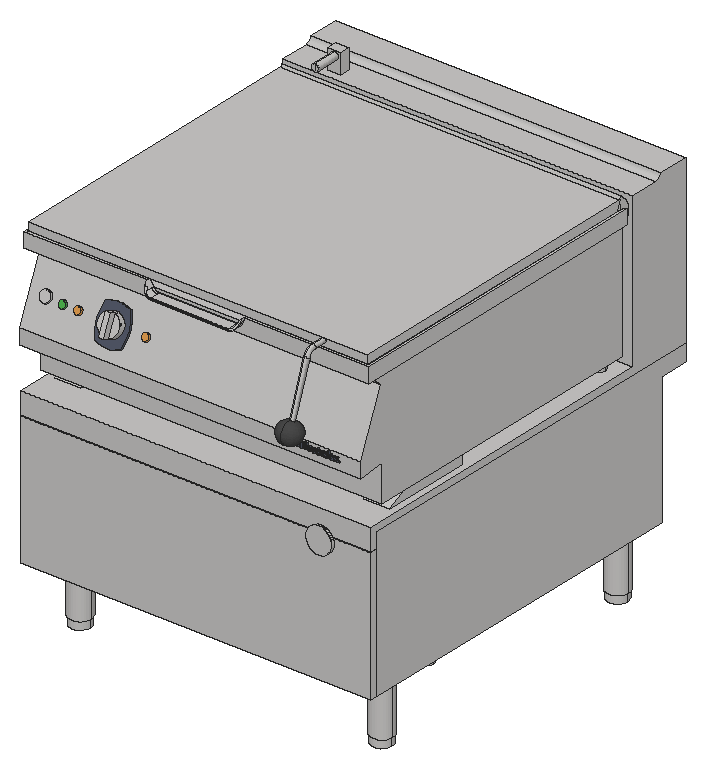
Revit family "QF_ELECTROLUXPROFESSIONAL_391146_E9BREHDOFM", category Specialty Equipment, Revit 2018
Family settings
  Round Connector Dimension = Use Diameter
  Part Type = Normal
  Work Plane-Based = No
  Always vertical = Yes
  Cut with Voids When Loaded = No
  Shared = No
  Room Calculation Point = No
Parameters
  Width = 800 mm  # constant formula
  Weight in Pounds = 150  # constant formula
  Watts = 13000 VA  # 13000 W
  Volts = 400 V  # constant formula
  URL Cutsheet = "www.electrolux.com"
  URL = "www.electrolux.com"
  Type Mark [instance] = ""
  Status [instance] = ""
  Specification by User [instance] = ""
  Specification by Manufacturer = ""
  Show Logo [instance] = yes
  Show Clearance [instance] = yes
  Serial Number = ""
  Seismic Rating = ""
  SMACNA No = ""
  Revision Code [instance] = ""
  Plumbing Remarks [instance] = ""
  Plumbing Connection Type [instance] = ""
  Phase = 3
  Omniclass Number and Title = ""
  Number of Poles [instance] = 1
  NAFEM Spec ID Number = ""
  Model = "391146"
  Min Ckt Ampacity = 0 A
  Max Overcurrent Protection = 0 A
  Masterspec = ""
  Manufacturer = "ELECTROLUX"
  Item Number [instance] = ""
  Installed By [instance] = ""
  Identify Quantity as Lot [instance] = yes
  Height = 850 mm  # constant formula
  HP = "17.4 HP"
  Furnished By [instance] = ""
  Foodservice Equipment Identifier [instance] = yes
  FL Amps = if(Phase = 3, Watts / (Volts * 1.73), Watts / Volts)  # 18.7861 A
  Electrical Remarks [instance] = "400 V/3N ph/50/60 Hz"  # constant formula
  Electric Connection Type [instance] = ""
  Elec Conn RI Height [instance] = 0 mm
  Elec Conn Connection Height [instance] = 0 mm
  Direct Waste Size = 0"
  Description = "900XP ELECTRIC BRATT PAN – 80 LITER WITH DUOMAT BOTTOM AND AUTOMATIC TILTING"
  Depth = 915 mm  # constant formula
  Cycle [instance] = if([60 Hertz Option], 60 Hz, 50 Hz)  # 60 Hz
  Conn Plug = ""
  Conn Conduit = yes
  Cold Water Temperature Recommended [instance] = -459.67 °F
  Cold Water Size = 3/4"
  Cold Water RI Height [instance] = 0 mm
  Cold Water Minimum Pressure = 0.00 psi
  Cold Water Maximum Pressure = 0.00 psi
  Cold Water Flow [instance] = 0 GPM
  Cold Water Consumption = ""
  Cold Water Connection Height = 0 mm
  CSI MasterFormat = ""
  CSI Master Format = ""
  Assembly Code = ""
  Apparent Power = if(Phase = 3, Volts * FL Amps * 1.73, Volts * FL Amps)  # 13000 VA
  60 Hertz Option [instance] = not([50 Hertz Option])  # yes
  50 Hertz Option [instance] = no
Reference planes
  plane 1 "BACK": y = 0
  plane 2: z = 0
  plane 3 "LEFT": x = 0
  plane 4 "RIGHT": x = 800
  plane 5 "FRONT": y = -915
  plane 6 "TOP": z = 898
  plane 7 "Center Y": x = 400
  plane 8 "Center X": y = -457.5
  plane 9 "Base": z = 149
  plane 10: z = 502.193
  plane 11: z = 1653
  plane 12: y = -125
  plane 13: y = -799
  plane 14: x = 55
  plane 15: y = -160.853
  plane 16: x = 745
  plane 17: y = -1014
  plane 18: y = -899.182
  plane 19: x = 786
  plane 20: z = 850
  plane 21: x = 389
  plane 22: y = -702.182
  plane 23: y = -760.182
  plane 24: x = 340
Forms (mm)
  Revolve 1, solid, material "QF_Finishes_Stainless Steel"
    sketch origin (0, -125, 0) x (1, 0, 0) y (0, 0, 1)
      loop
        line (55, 0) -> (55, 149) -> (29.6, 149) -> (29.6, 19.05) -> (32.1, 19.05) -> (32.1, 0) -> (55, 0)
      axis (55, 0) -> (55, 149)
    angle from 0 to 360
  Revolve 2, solid, material "QF_Finishes_Stainless Steel"
    sketch origin (0, -799, 0) x (1, 0, 0) y (0, 0, 1)
      loop
        line (55, 0) -> (55, 149) -> (29.6, 149) -> (29.6, 19.05) -> (32.1, 19.05) -> (32.1, 0) -> (55, 0)
      axis (55, 0) -> (55, 149)
    angle from 0 to 360
  Extrusion 3, solid, material "QF_Finishes_Stainless Steel"
    sketch origin (0, -214.682, 0) x (0, 1, 0) y (0, 0, 1)
      loop
        line (214.682, 487.193) -> (214.682, 866.248) -> (143.055, 866.248)
        arc (143.055, 866.248) -> (139.432, 857.502) -> (130.686, 853.88) r 12.368
        line (130.686, 853.88) -> (64.682, 853.88) -> (64.682, 502.193) -> (-684.5, 502.193) -> (-684.5, 452.193) -> (-669.5, 452.193) -> (-669.5, 487.193) -> (214.682, 487.193)
      loop
        line (-669.5, 149) -> (-669.5, 451.193) -> (-684.5, 451.193) -> (-684.5, 149) -> (-669.5, 149)
    from 0 to 800
  Extrusion 4, solid, material "QF_Finishes_Stainless Steel"
    sketch origin (0, -214.682, 0) x (0, 1, 0) y (0, 0, 1)
      loop
        line (44.029, 528.406) -> (44.029, 817.127) -> (-678.5, 817.127) -> (-678.5, 809.681) -> (-643.264, 774.446) -> (-700.318, 641.094) -> (-700.318, 606.094) -> (-640.765, 613.406) -> (-640.765, 528.406) -> (44.029, 528.406)
    from 10 to 790
  Sweep 5, solid, material "QF_Finishes_Stainless Steel"
    path origin (0, -204.882, 145) x (-1, 0, 0) y (0, -1, 0)
      loop
        line (-290, 694.3) -> (-5, 694.3) -> (-5, -44.029) -> (-795, -44.029) -> (-795, 694.3) -> (-510, 694.3)
    profile origin (652.5, -899.182, 145) x (0, -1, 0) y (0, 0, 1)
      loop
        line (-5, 651.359) -> (0, 651.359) -> (0, 685.301) -> (-6, 685.301) -> (-6, 681.062) -> (-5, 681.062) -> (-5, 651.359)
  Extrusion 6, solid, material "QF_Finishes_Stainless Steel"
    sketch origin (0, -214.682, -5) x (0, 1, 0) y (0, 0, 1)
      loop
        line (33.715, 835.301) -> (42.572, 855) -> (-677.138, 855) -> (-677.138, 835.301) -> (33.715, 835.301)
      loop
        arc (64.305, 837.022) -> (57.071, 850.749) -> (45.92, 861.539) r 49.182
        line (45.92, 861.539) -> (39.069, 846.301) -> (45.904, 846.301) -> (45.904, 832.604) -> (64.305, 814.204) -> (64.305, 837.022)
    from 12.363 to 787.637
  Extrusion 7, solid, material "QF_Finishes_Stainless Steel"
    sketch origin (0, -214.682, 0) x (0, 1, 0) y (0, 0, 1)
      loop
        line (-403.818, 528.406) -> (-556.057, 528.406) -> (-609.801, 502.193) -> (-403.818, 502.193) -> (-403.818, 528.406)
    from 16.63 to 76.513
  Extrusion 8, solid, material "QF_Finishes_Stainless Steel"
    sketch origin (0, -207.182, 150) x (-1, 0, 0) y (0, -1, 0)
      loop
        circle (-46.571, -17.496) r 15
      loop
        circle (-753.429, -17.496) r 15
    from 352.193 to 383.406
  Extrusion 9, solid, material "QF_Finishes_Stainless Steel"
    sketch origin (0, -64.682, 0) x (0, 1, 0) y (0, 0, 1)
      loop
        line (-43.387, 853.88) -> (-43.387, 898) -> (-67.444, 898) -> (-67.444, 853.88) -> (-43.387, 853.88)
    from 87.469 to 116.843
  Revolve 10, solid, material "QF_Finishes_Stainless Steel"
    sketch origin (103.25, -64.682, 0) x (0, 1, 0) y (0, 0, 1)
      loop
        line (-67.444, 888.097) -> (-67.444, 896.222) -> (-123.629, 896.222) -> (-123.629, 888.097) -> (-67.444, 888.097)
      axis (-123.629, 888.097) -> (-67.444, 888.097)
    angle from 0 to 360
  Extrusion 11, solid, material "QF_Clearances", visible <- "Show Clearance", detail levels coarse
    sketch origin (0, -214.682, 0) x (1, 0, 0) y (0, 1, 0)
      loop
        line (800, 214.682) -> (800, -700.318) -> (850, -700.318) -> (850, 264.682) -> (-50, 264.682) -> (-50, -700.318) -> (0, -700.318) -> (0, 214.682) -> (800, 214.682)
    from 0 to 898
  Extrusion 12, solid, material "QF_Finishes_Stainless Steel"
    sketch origin (800, 0, 0) x (0, 1, 0) y (0, 0, 1)
      loop
        line (-884.182, 149) -> (-69, 149) -> (-69, 448) -> (0, 448) -> (0, 487.193) -> (-884.182, 487.193) -> (-884.182, 149)
    from 0 to -800
  Revolve 13, solid, material "QF_Finishes_Stainless Steel"
    sketch origin (1000, -125, 0) x (-1, 0, 0) y (0, 0, -1)
      loop
        line (255, 0) -> (232.1, 0) -> (232.1, -19.05) -> (229.6, -19.05) -> (229.6, -149) -> (255, -149) -> (255, 0)
      axis (255, 0) -> (255, -149)
    angle from 0 to 360
  Revolve 14, solid, material "QF_Finishes_Stainless Steel"
    sketch origin (1000, -799, 0) x (-1, 0, 0) y (0, 0, -1)
      loop
        line (255, 0) -> (232.1, 0) -> (232.1, -19.05) -> (229.6, -19.05) -> (229.6, -149) -> (255, -149) -> (255, 0)
      axis (255, 0) -> (255, -149)
    angle from 0 to 360
  Sweep 15, solid, material "QF_Finishes_Stainless Steel"
    path origin (8.84, -214.682, -10) x (0, 1, 0) y (0, 0, 1)
      loop
        line (-677.138, 852.831) -> (-705.492, 852.831)
        arc (-705.492, 852.831) -> (-716.963, 849.214) -> (-724.286, 839.672) r 20
        line (-724.286, 839.672) -> (-765.322, 726.924)
    profile origin (8.84, -905.997, 842.831) x (0, 0, -1) y (1, 0, 0)
      loop
        circle (0, 676.16) r 5
  Revolve 16, solid, material "QF_Finishes_Black"
    sketch origin (685, -194.682, 0) x (0, 1, 0) y (0, 0, 1)
      loop
        line (-785.322, 716.924) -> (-792.738, 719.623)
        arc (-792.738, 719.623) -> (-818.978, 701.075) -> (-800.713, 674.638) r 22.845
        line (-800.713, 674.638) -> (-785.322, 716.924)
      axis (-785.322, 716.924) -> (-800.713, 674.638)
    angle from 0 to 360
  Extrusion 17, solid, material "QF_Finishes_Stainless Steel"
    sketch origin (800, -69, 149) x (-1, 0, 0) y (0, 1, 0)
      loop
        circle (14, -649.182) r 12.7
    from 0 to 5
  Extrusion 18, solid, material "QF_Finishes_Stainless Steel"
    sketch origin (-3.75, -899.182, 149) x (0, 0, 1) y (-1, 0, 0)
      loop
        circle (289.443, -688.75) r 30
    from 0 to 5
  Extrusion 19, solid, material "QF_Finishes_Stainless Steel"
    sketch origin (800, -214.682, 0) x (0, 1, 0) y (0, 0, -1)
      loop
        line (-403.818, -528.406) -> (-403.818, -502.193) -> (-609.801, -502.193) -> (-556.057, -528.406) -> (-403.818, -528.406)
    from 16.63 to 76.513
  Extrusion 20, solid, material "QF_Finishes_Stainless Steel"
    sketch origin (0, -201.682, -15.905) x (1, 0, 0) y (0, 0, 1)
      loop
        line (509.996, 839.805) -> (509.996, 846.205) -> (502.677, 833.527)
        arc (502.677, 833.527) -> (496.674, 827.524) -> (488.474, 825.327) r 16.4
        line (488.474, 825.327) -> (311.526, 825.327)
        arc (311.526, 825.327) -> (303.32, 827.526) -> (297.312, 833.534) r 16.413
        line (297.312, 833.534) -> (289.996, 846.205) -> (289.996, 839.805) -> (294.541, 831.934)
        arc (294.541, 831.934) -> (301.72, 824.755) -> (311.526, 822.127) r 19.613
        line (311.526, 822.127) -> (488.474, 822.127)
        arc (488.474, 822.127) -> (498.274, 824.753) -> (505.448, 831.927) r 19.6
        line (505.448, 831.927) -> (509.996, 839.805)
    from 697.5 to 717.595
  Extrusion 21, void
    sketch origin (900, 188.397, 1219.2) x (0, -1, 0) y (0, 0, 1)
      loop
        line (1110.167, -415.736) -> (1110.167, -387.945) -> (1093.05, -387.945) -> (1110.167, -415.736)
    from 390 to 610
  Extrusion 22, solid, material "QF_Finishes_Navy Blue"
    sketch origin (-55.546, -1052.067, 320.727) x (0, 0.393353, 0.919387) y (-1, 0, 0)
      loop
        arc (453.989, -230.321) -> (416.907, -221.34) -> (379.375, -228.202) r 91.844
        arc (379.375, -228.202) -> (372.249, -258.844) -> (379.375, -289.487) r 69.441
        arc (379.375, -289.487) -> (416.897, -296.198) -> (453.989, -287.419) r 93.759
        arc (453.989, -287.419) -> (460.218, -258.87) -> (453.989, -230.321) r 68.543
    from 0 to 3.175
  Extrusion 23, solid, material "QF_Finishes_Orange"
    sketch origin (9.372, -901.482, 672.689) x (0, 0.393353, 0.919387) y (-1, 0, 0)
      loop
        circle (34.513, -113.251) r 8
    from 0 to 3.175
  Extrusion 24, solid, material "QF_Finishes_Green"
    sketch origin (14.068, -901.51, 672.624) x (0, 0.393353, 0.919387) y (-1, 0, 0)
      loop
        circle (34.513, -73.251) r 8
    from 0 to 3.175
  Extrusion 25, solid, material "QF_Finishes_Stainless Steel"
    sketch origin (-159.296, -918.156, 641.79) x (0, 0.393353, 0.919387) y (-1, 0, 0)
      loop
        circle (68.826, -362.213) r 25.4
    from 0 to 12.7
  Extrusion 26, solid, material "QF_Finishes_Stainless Steel"
    sketch origin (-159.296, -929.832, 646.786) x (0, 0.393353, 0.919387) y (-1, 0, 0)
      loop
        arc (93.558, -367.999) -> (94.226, -362.213) -> (93.558, -356.427) r 25.4
        line (93.558, -356.427) -> (44.094, -356.427)
        arc (44.094, -356.427) -> (43.426, -362.213) -> (44.094, -367.999) r 25.4
        line (44.094, -367.999) -> (93.558, -367.999)
    from 0 to 12.7
  Extrusion 27, solid, material "QF_Finishes_Stainless Steel"
    sketch origin (10.937, -915, 641.094) x (0, 0.393353, 0.919387) y (-1, 0, 0)
      loop
        circle (71.473, -36.635) r 12.7
    from 0 to 3.2
  Extrusion 28, solid, material "QF_Finishes_Orange"
    sketch origin (164.372, -901.482, 672.689) x (0, 0.393353, 0.919387) y (-1, 0, 0)
      loop
        circle (34.513, -113.251) r 8
    from 0 to 3.175
  Extrusion 29, solid, material "QF_Clearances", visible <- "Show Clearance", detail levels coarse
    sketch origin (0, -996.643, 709.193) x (0, 0.238373, -0.971174) y (0, 0.971174, 0.238373)
      loop
        line (33.715, 835.301) -> (42.572, 855) -> (-677.138, 855) -> (-677.138, 835.301) -> (33.715, 835.301)
      loop
        arc (64.305, 837.022) -> (57.071, 850.749) -> (45.92, 861.539) r 49.182
        line (45.92, 861.539) -> (39.069, 846.301) -> (45.904, 846.301) -> (45.904, 832.604) -> (64.305, 814.204) -> (64.305, 837.022)
    from 12.363 to 787.637
  Sweep 30, solid, material "QF_Clearances", visible <- "Show Clearance", detail levels coarse
    path origin (8.84, -1001.499, 708.002) x (0, 0.238373, -0.971174) y (0, 0.971174, 0.238373)
      loop
        line (-677.138, 852.831) -> (-705.492, 852.831)
        arc (-705.492, 852.831) -> (-716.963, 849.214) -> (-724.286, 839.672) r 20
        line (-724.286, 839.672) -> (-765.322, 726.924)
    profile origin (8.84, -338.043, 1582.68) x (0, -0.971174, -0.238373) y (1, 0, 0)
      loop
        circle (0, 676.16) r 5
  Revolve 31, solid, material "QF_Clearances", visible <- "Show Clearance", detail levels coarse
    sketch origin (685, -987.02, 690.962) x (0, 0.238373, -0.971174) y (0, 0.971174, 0.238373)
      loop
        line (-785.322, 716.924) -> (-792.738, 719.623)
        arc (-792.738, 719.623) -> (-818.978, 701.075) -> (-800.713, 674.638) r 22.845
        line (-800.713, 674.638) -> (-785.322, 716.924)
      axis (-785.322, 716.924) -> (-800.713, 674.638)
    angle from 0 to 360
  Extrusion 32, solid, material "QF_Finishes_Navy Blue", visible <- "Show Logo"
    sketch origin (486.175, -915, 608.853) x (0, 0, 1) y (-1, 0, 0)
      loop
        line (27.359, -159.055) -> (14.993, -159.055)
        arc (14.993, -159.055) -> (21.176, -163.626) -> (27.359, -159.055) r 6.467
      loop
        arc (27.359, -158.426) -> (26.19, -153.283) -> (21.534, -150.805) r 6.338
        line (21.534, -150.805) -> (21.534, -152.851)
        arc (21.534, -152.851) -> (23.018, -156.506) -> (26.464, -158.426) r 5.941
        line (26.464, -158.426) -> (27.359, -158.426)
      loop
        arc (15.888, -158.426) -> (19.334, -156.506) -> (20.817, -152.851) r 5.941
        line (20.817, -152.851) -> (20.817, -150.805)
        arc (20.817, -150.805) -> (16.123, -153.279) -> (14.834, -158.426) r 6.504
        line (14.834, -158.426) -> (15.888, -158.426)
      loop
        line (28.034, -150.336) -> (14.29, -150.336) -> (14.29, -164.099) -> (28.034, -164.099) -> (28.034, -150.336)
      loop
        arc (28.118, -167.066) -> (27.77, -166.709) -> (27.403, -167.047) r 0.358
        arc (27.403, -167.047) -> (27.089, -167.797) -> (26.372, -168.182) r 1.216
        line (26.372, -168.182) -> (15.959, -168.182)
        arc (15.959, -168.182) -> (15.299, -167.904) -> (14.903, -167.308) r 1.238
        arc (14.903, -167.308) -> (14.509, -167.057) -> (14.203, -167.411) r 0.358
        line (14.203, -167.411) -> (14.203, -177.29) -> (16.954, -177.29) -> (16.954, -176.393)
        arc (16.954, -176.393) -> (16.045, -175.813) -> (15.589, -174.836) r 1.928
        line (15.589, -174.836) -> (15.589, -172.337)
        arc (15.589, -172.337) -> (15.865, -171.608) -> (16.553, -171.244) r 1.101
        line (16.553, -171.244) -> (20.64, -171.244) -> (20.64, -174.917)
        arc (20.64, -174.917) -> (20.287, -175.414) -> (19.722, -175.642) r 1.083
        arc (19.722, -175.642) -> (19.459, -175.948) -> (19.751, -176.226) r 0.292
        line (19.751, -176.226) -> (22.713, -176.226)
        arc (22.713, -176.226) -> (23.016, -175.953) -> (22.777, -175.623) r 0.305
        arc (22.777, -175.623) -> (22.286, -175.375) -> (21.981, -174.917) r 1.083
        line (21.981, -174.917) -> (21.981, -171.244) -> (26.659, -171.244) -> (26.659, -174.991)
        arc (26.659, -174.991) -> (26.444, -175.747) -> (25.838, -176.245) r 1.314
        arc (25.838, -176.245) -> (25.619, -176.649) -> (25.973, -176.941) r 0.361
        line (25.973, -176.941) -> (28.118, -176.941) -> (28.118, -167.066)
      loop
        arc (27.4, -177.722) -> (27.02, -178.641) -> (26.101, -179.021) r 1.299
        line (26.101, -179.021) -> (16.522, -179.021)
        arc (16.522, -179.021) -> (15.684, -178.643) -> (15.413, -177.765) r 1.118
        line (15.413, -177.765) -> (14.203, -177.765) -> (14.203, -183.115) -> (15.391, -183.115)
        arc (15.391, -183.115) -> (15.663, -182.198) -> (16.533, -181.802) r 1.153
        line (16.533, -181.802) -> (28.605, -181.802) -> (27.4, -177.722)
      loop
        line (19.168, -185.751) -> (19.168, -192.198) -> (19.967, -192.198)
        arc (19.967, -192.198) -> (22.547, -191.214) -> (23.816, -188.76) r 3.874
        line (23.816, -188.76) -> (23.816, -187)
        arc (23.816, -187) -> (22.629, -184.135) -> (19.765, -182.949) r 4.051
        line (19.765, -182.949) -> (17.757, -182.949)
        arc (17.757, -182.949) -> (14.938, -184.434) -> (13.887, -187.441) r 4.352
        arc (13.887, -187.441) -> (14.251, -189.904) -> (15.629, -191.978) r 5.713
        line (15.629, -191.978) -> (16.578, -191.978)
        arc (16.578, -191.978) -> (15.845, -190.409) -> (15.629, -188.691) r 5.579
        arc (15.629, -188.691) -> (16.422, -186.728) -> (18.301, -185.751) r 3.057
        line (18.301, -185.751) -> (19.168, -185.751)
      loop
        line (20.427, -185.751) -> (20.427, -189.333)
        arc (20.427, -189.333) -> (21.884, -189.38) -> (22.767, -188.221) r 1.59
        line (22.767, -188.221) -> (22.767, -187.391)
        arc (22.767, -187.391) -> (21.902, -186.136) -> (20.427, -185.751) r 2.184
      loop
        arc (23.218, -201.616) -> (23.707, -199.942) -> (23.864, -198.205) r 9.023
        line (23.864, -198.205) -> (23.864, -196.843)
        arc (23.864, -196.843) -> (22.705, -194.043) -> (19.905, -192.883) r 3.959
        line (19.905, -192.883) -> (17.305, -192.883)
        arc (17.305, -192.883) -> (15.023, -194.176) -> (13.906, -196.549) r 4.331
        line (13.906, -196.549) -> (13.906, -198.684)
        arc (13.906, -198.684) -> (14.414, -200.234) -> (15.336, -201.58) r 5.772
        arc (15.336, -201.58) -> (16.098, -201.631) -> (16.184, -200.872) r 0.553
        arc (16.184, -200.872) -> (15.796, -200.138) -> (15.662, -199.319) r 2.573
        line (15.662, -199.319) -> (15.662, -197.804)
        arc (15.662, -197.804) -> (16.668, -196.162) -> (18.483, -195.52) r 2.884
        line (18.483, -195.52) -> (19.762, -195.52)
        arc (19.762, -195.52) -> (21.583, -196.08) -> (22.509, -197.745) r 2.554
        line (22.509, -197.745) -> (22.509, -198.798)
        arc (22.509, -198.798) -> (22.178, -199.726) -> (21.521, -200.461) r 2.564
        arc (21.521, -200.461) -> (21.299, -201.178) -> (21.909, -201.616) r 0.643
        line (21.909, -201.616) -> (23.218, -201.616)
      loop
        line (22.2, -201.886) -> (22.2, -203.387) -> (16.152, -203.387)
        arc (16.152, -203.387) -> (14.564, -204.045) -> (13.906, -205.633) r 2.246
        line (13.906, -205.633) -> (13.906, -207.217)
        arc (13.906, -207.217) -> (14.22, -208.081) -> (14.72, -208.853) r 4.06
        arc (14.72, -208.853) -> (15.453, -208.986) -> (15.704, -208.285) r 0.576
        arc (15.704, -208.285) -> (15.598, -207.759) -> (15.662, -207.227) r 1.69
        arc (15.662, -207.227) -> (16.204, -206.439) -> (17.11, -206.136) r 1.506
        line (17.11, -206.136) -> (22.248, -206.136) -> (22.248, -208.533) -> (22.805, -209.089) -> (23.626, -209.089) -> (23.626, -206.23) -> (26.857, -206.23) -> (22.2, -201.886)
      loop
        line (14.124, -209.987) -> (14.124, -215.374) -> (15.234, -215.374)
        arc (15.234, -215.374) -> (15.627, -214.423) -> (16.578, -214.029) r 1.345
        line (16.578, -214.029) -> (20.195, -214.029)
        arc (20.195, -214.029) -> (20.959, -214.621) -> (21.249, -215.543) r 1.615
        line (21.249, -215.543) -> (21.249, -217.099) -> (23.805, -217.784) -> (23.805, -216.401) -> (21.862, -213.842) -> (23.742, -213.842) -> (23.458, -211.136)
        arc (23.458, -211.136) -> (23.018, -210.606) -> (22.359, -210.807) r 0.621
        arc (22.359, -210.807) -> (21.959, -211.149) -> (21.465, -211.332) r 1.501
        line (21.465, -211.332) -> (16.578, -211.332)
        arc (16.578, -211.332) -> (15.627, -210.938) -> (15.234, -209.987) r 1.345
        line (15.234, -209.987) -> (14.124, -209.987)
      loop
        line (20.225, -217.321) -> (17.533, -217.321)
        arc (17.533, -217.321) -> (15.088, -218.629) -> (13.954, -221.159) r 4.288
        arc (13.954, -221.159) -> (13.89, -222.54) -> (13.954, -223.92) r 15.022
        arc (13.954, -223.92) -> (15.088, -226.451) -> (17.533, -227.758) r 4.288
        line (17.533, -227.758) -> (20.225, -227.758)
        arc (20.225, -227.758) -> (22.671, -226.451) -> (23.805, -223.92) r 4.288
        arc (23.805, -223.92) -> (23.868, -222.54) -> (23.805, -221.159) r 15.022
        arc (23.805, -221.159) -> (22.671, -218.629) -> (20.225, -217.321) r 4.288
      loop
        line (20.43, -220.435) -> (17.328, -220.435)
        arc (17.328, -220.435) -> (15.171, -222.592) -> (17.328, -224.749) r 2.157
        line (17.328, -224.749) -> (20.43, -224.749)
        arc (20.43, -224.749) -> (22.587, -222.592) -> (20.43, -220.435) r 2.157
      loop
        arc (27.411, -227.616) -> (27.041, -228.51) -> (26.147, -228.881) r 1.264
        line (26.147, -228.881) -> (16.282, -228.881)
        arc (16.282, -228.881) -> (15.412, -228.484) -> (15.141, -227.568) r 1.153
        line (15.141, -227.568) -> (14.203, -227.568) -> (14.203, -232.676) -> (15.131, -232.676)
        arc (15.131, -232.676) -> (15.49, -231.904) -> (16.282, -231.589) r 1.153
        line (16.282, -231.589) -> (28.605, -231.589) -> (27.411, -227.616)
      loop
        arc (22.531, -232.213) -> (22.332, -233.278) -> (21.363, -233.76) r 1.215
        line (21.363, -233.76) -> (16.343, -233.76)
        arc (16.343, -233.76) -> (14.728, -234.407) -> (14.008, -235.99) r 2.338
        line (14.008, -235.99) -> (14.008, -237.505)
        arc (14.008, -237.505) -> (14.182, -238.509) -> (14.684, -239.395) r 2.979
        line (14.684, -239.395) -> (14.203, -241.192) -> (14.203, -242.88) -> (23.629, -242.88) -> (23.335, -238.677) -> (22.548, -238.677)
        arc (22.548, -238.677) -> (22.192, -239.513) -> (21.44, -240.022) r 1.605
        line (21.44, -240.022) -> (16.337, -240.022)
        arc (16.337, -240.022) -> (15.917, -239.085) -> (15.844, -238.061) r 2.94
        arc (15.844, -238.061) -> (16.405, -236.96) -> (17.558, -236.517) r 1.724
        line (17.558, -236.517) -> (23.755, -236.517) -> (22.531, -232.213)
      loop
        line (23.559, -243.734) -> (21.887, -245.78) -> (18.713, -248.086) -> (15.257, -244.974)
        arc (15.257, -244.974) -> (15.02, -244.58) -> (15.042, -244.121) r 0.789
        line (15.042, -244.121) -> (14.203, -244.121) -> (14.203, -247.666) -> (15.029, -247.666)
        arc (15.029, -247.666) -> (15.372, -247.304) -> (15.862, -247.396) r 0.52
        line (15.862, -247.396) -> (17.661, -248.867) -> (15.543, -250.242)
        arc (15.543, -250.242) -> (15.142, -249.932) -> (15.055, -249.433) r 0.7
        line (15.055, -249.433) -> (14.203, -249.433) -> (14.203, -255.36) -> (15.09, -255.36)
        arc (15.09, -255.36) -> (15.157, -254.701) -> (15.552, -254.17) r 1.247
        line (15.552, -254.17) -> (19.751, -250.889) -> (22.198, -252.942) -> (23.559, -254.684) -> (23.559, -250.96) -> (22.074, -251.383) -> (20.553, -250.106) -> (22.253, -248.916) -> (23.559, -249.692) -> (23.559, -243.734)
    from 0 to 1.644
  Extrusion 33, solid, material "QF_Finishes_Stainless Steel"
    sketch origin (290, -899.182, 830.301) x (-1, 0, 0) y (0, 0, -1)
      loop
        line (0.004, 33.941) -> (-220, 33.941) -> (-220, -0.006) -> (-212.677, 12.678)
        arc (-212.677, 12.678) -> (-206.674, 18.681) -> (-198.474, 20.878) r 16.4
        line (-198.474, 20.878) -> (-21.526, 20.878)
        arc (-21.526, 20.878) -> (-13.32, 18.679) -> (-7.312, 12.672) r 16.413
        line (-7.312, 12.672) -> (0.004, 0) -> (0.004, 33.941)
    from 0 to -6
  Extrusion 34, solid, material "QF_Finishes_Stainless Steel"
    sketch origin (0, 0, 0) x (0, 1, 0) y (0, 0, 1)
      loop
        circle (-760.182, 325) r 9.525
    from 350.873 to 389
  Extrusion 35, solid, material "QF_Finishes_Stainless Steel"
    sketch origin (0, -915, 0) x (1, 0, 0) y (0, 0, 1)
      loop
        circle (340, 220) r 6.35
    from -212.818 to -194.708
Cuts and joins
  Extrusion 21 cuts Extrusion 20
  joined: Sweep 5, Extrusion 20, Extrusion 33
Lines and regions (mm)
  symbolic lines
    curve 1: line (10, -915, 149) -> (197.131, -915, 149)
    curve 2: line (0, -899.182, 149) -> (280.622, -899.182, 149)
    curve 3: line (5, -160.853, 149) -> (5, -899.182, 149)
    curve 4: line (0, 0, 149) -> (0, -899.182, 149)
    curve 5: line (800, -899.182, 149) -> (800, 0, 149)
    curve 6: line (5, -160.853, 149) -> (95.125, -160.853, 149)
    curve 7: line (789, -171.653, 149) -> (111.375, -171.653, 149)
    curve 8: line (0, -71.628, 149) -> (800, -71.628, 149)
    curve 9: line (111.375, -160.853, 149) -> (795, -160.853, 149)
    curve 10: line (95.125, -172.111, 149) -> (12.363, -172.111, 149)
    curve 11: line (90.942, -172.111, 149) -> (90.942, -192.672, 149)
    curve 12: line (117.192, -171.653, 149) -> (117.192, -192.672, 149)
    curve 13: arc (90.942, -192.672, 149) -> (104.067, -205.797, 149) -> (117.192, -192.672, 149) r 13.125
    curve 14: line (504.543, -915, 149) -> (680, -915, 149)
    curve 15: line (12.363, -891.82, 149) -> (787.637, -891.82, 149)
    curve 16: line (0, 0, 149) -> (800, 0, 149)
    curve 20: line (680, -980.005, 149) -> (680, -891.82, 149)
    curve 21: line (690, -980.005, 149) -> (690, -891.82, 149)
    curve 22: spline (685, -987.42, 149) -> (686.603, -987.265, 149) -> (688.14, -986.808, 149) -> (689.545, -986.066, 149) -> (690.761, -985.072, 149) -> (691.737, -983.866, 149) -> (692.431, -982.499, 149) -> (692.815, -981.028, 149) -> (692.874, -979.515, 149) -> (692.604, -978.022, 149) -> (692.016, -976.611, 149) -> (691.136, -975.342, 149) -> (690, -974.268, 149)
    curve 23: spline (690, -980.005, 149) -> (689.957, -980.618, 149) -> (689.83, -981.221, 149) -> (689.619, -981.803, 149) -> (689.33, -982.354, 149) -> (688.967, -982.865, 149) -> (688.536, -983.327, 149) -> (688.044, -983.732, 149) -> (687.5, -984.074, 149) -> (686.913, -984.345, 149) -> (686.294, -984.543, 149) -> (685.653, -984.663, 149) -> (685, -984.703, 149)
    curve 24: spline (685, -984.703, 149) -> (684.347, -984.663, 149) -> (683.706, -984.543, 149) -> (683.087, -984.345, 149) -> (682.5, -984.074, 149) -> (681.956, -983.732, 149) -> (681.464, -983.327, 149) -> (681.033, -982.865, 149) -> (680.67, -982.354, 149) -> (680.381, -981.803, 149) -> (680.17, -981.221, 149) -> (680.043, -980.618, 149) -> (680, -980.005, 149)
    curve 25: spline (680, -974.268, 149) -> (678.864, -975.342, 149) -> (677.984, -976.611, 149) -> (677.396, -978.022, 149) -> (677.126, -979.515, 149) -> (677.185, -981.028, 149) -> (677.569, -982.499, 149) -> (678.263, -983.866, 149) -> (679.239, -985.072, 149) -> (680.455, -986.066, 149) -> (681.86, -986.808, 149) -> (683.397, -987.265, 149) -> (685, -987.42, 149)
    curve 26: line (95.125, -188.311, 149) -> (111.375, -188.311, 149)
    curve 27: line (95.125, -132.127, 149) -> (95.125, -188.311, 149)
    curve 28: line (111.375, -188.311, 149) -> (111.375, -132.127, 149)
    curve 29: line (87.469, -132.127, 149) -> (116.843, -132.127, 149)
    curve 30: line (87.469, -108.069, 149) -> (87.469, -132.127, 149)
    curve 31: line (116.843, -108.069, 149) -> (87.469, -108.069, 149)
    curve 32: line (116.843, -132.127, 149) -> (116.843, -108.069, 149)
    curve 33: arc (680, -961.314, 149) -> (685, -1014, 149) -> (690, -961.314, 149) r 26.58
    curve 34: line (0, -150, 182) -> (95.125, -150, 182)
    curve 35: line (800, -150, 182) -> (111.375, -150, 182)
    curve 36: line (12.363, -891.82, 149) -> (12.363, -172.111, 149)
    curve 37: line (787.637, -891.82, 149) -> (787.637, -171.653, 149)
    curve 38: line (790, -915, 182) -> (790, -899.182, 182)
    curve 39: line (10, -899.182, 182) -> (10, -915, 182)
    curve 40: line (795, -160.853, 149) -> (795, -899.182, 149)
    curve 41: line (197.131, -924.708, 149) -> (197.131, -899.182, 149)
    curve 42: line (208.703, -924.708, 149) -> (208.703, -899.182, 149)
    curve 43: line (197.131, -924.708, 149) -> (208.703, -924.708, 149)
    curve 44: line (197.131, -915.021, 149) -> (180.061, -915.021, 149)
    curve 45: line (208.703, -915.021, 149) -> (225.774, -915.021, 149)
    curve 46: spline (208.703, -912.487, 182) -> (212.151, -912.066, 182) -> (215.413, -911.457, 182) -> (218.422, -910.673, 182) -> (221.118, -909.728, 182) -> (223.446, -908.643, 182) -> (225.359, -907.438, 182) -> (226.819, -906.14, 182) -> (227.796, -904.772, 182) -> (228.27, -903.365, 182) -> (228.233, -901.945, 182) -> (227.683, -900.541, 182) -> (226.634, -899.182, 182)
    curve 47: spline (225.812, -907.085, 182) -> (226.505, -906.99, 182) -> (227.196, -906.892, 182) -> (227.884, -906.792, 182) -> (228.569, -906.688, 182) -> (229.251, -906.581, 182) -> (229.93, -906.472, 182) -> (230.606, -906.36, 182) -> (231.28, -906.245, 182) -> (231.95, -906.127, 182) -> (232.617, -906.007, 182) -> (233.28, -905.884, 182) -> (233.941, -905.758, 182)
    curve 48: spline (233.941, -905.758, 182) -> (234.472, -905.225, 182) -> (234.983, -904.689, 182) -> (235.472, -904.15, 182) -> (235.94, -903.608, 182) -> (236.386, -903.063, 182) -> (236.811, -902.515, 182) -> (237.215, -901.965, 182) -> (237.596, -901.413, 182) -> (237.956, -900.858, 182) -> (238.294, -900.302, 182) -> (238.609, -899.743, 182) -> (238.903, -899.182, 182)
    curve 49: spline (197.131, -912.487, 182) -> (193.683, -912.066, 182) -> (190.421, -911.457, 182) -> (187.412, -910.673, 182) -> (184.717, -909.728, 182) -> (182.389, -908.643, 182) -> (180.475, -907.438, 182) -> (179.015, -906.14, 182) -> (178.038, -904.772, 182) -> (177.564, -903.365, 182) -> (177.602, -901.945, 182) -> (178.151, -900.541, 182) -> (179.201, -899.182, 182)
    curve 50: spline (167.58, -899.182, 182) -> (167.88, -899.743, 182) -> (168.203, -900.303, 182) -> (168.549, -900.86, 182) -> (168.917, -901.415, 182) -> (169.307, -901.967, 182) -> (169.72, -902.517, 182) -> (170.154, -903.065, 182) -> (170.611, -903.61, 182) -> (171.09, -904.151, 182) -> (171.59, -904.69, 182) -> (172.112, -905.225, 182) -> (172.656, -905.758, 182)
    curve 51: spline (172.656, -905.758, 182) -> (173.244, -905.87, 182) -> (173.834, -905.98, 182) -> (174.427, -906.088, 182) -> (175.022, -906.194, 182) -> (175.62, -906.297, 182) -> (176.22, -906.398, 182) -> (176.823, -906.498, 182) -> (177.428, -906.594, 182) -> (178.036, -906.689, 182) -> (178.645, -906.781, 182) -> (179.257, -906.871, 182) -> (179.871, -906.959, 182)
    curve 52: line (208.703, -915, 149) -> (295.414, -915, 149)
    curve 53: line (519.371, -899.182, 182) -> (505.448, -914.035, 182)
    curve 54: spline (505.442, -914.033, 182) -> (504.902, -914.595, 182) -> (504.301, -915.14, 182) -> (503.641, -915.666, 182) -> (502.924, -916.17, 182) -> (502.153, -916.653, 182) -> (501.331, -917.111, 182) -> (500.459, -917.544, 182) -> (499.542, -917.95, 182) -> (498.582, -918.327, 182) -> (497.581, -918.675, 182) -> (496.544, -918.992, 182) -> (495.475, -919.277, 182)
    curve 55: line (304.523, -919.277, 182) -> (495.475, -919.277, 182)
    curve 56: line (294.541, -914.031, 182) -> (280.622, -899.182, 182)
    curve 57: spline (304.523, -919.277, 182) -> (303.452, -918.992, 182) -> (302.414, -918.675, 182) -> (301.413, -918.327, 182) -> (300.452, -917.949, 182) -> (299.534, -917.543, 182) -> (298.662, -917.11, 182) -> (297.838, -916.651, 182) -> (297.067, -916.168, 182) -> (296.35, -915.663, 182) -> (295.689, -915.137, 182) -> (295.087, -914.592, 182) -> (294.547, -914.029, 182)
    curve 58: line (519.371, -899.182, 149) -> (680, -899.182, 149)
    curve 59: line (690, -899.182, 149) -> (800, -899.182, 149)
    curve 60: line (690, -915, 149) -> (790, -915, 149)
  symbolic lines, style "QF_Clearances", visible <- "Show Clearance", detail levels coarse
    curve 17: line (-50, 50, 150) -> (-50, -918.182, 150)
    curve 18: line (850, 50, 150) -> (850, -915, 150)
    curve 19: line (850, 50, 150) -> (-50, 50, 150)
Dimensions and locks
  equal spacing: plane 3 "LEFT", plane 7 "Center Y", plane 4 "RIGHT"
  "Width": plane 3 "LEFT" to plane 4 "RIGHT"
  equal spacing: plane 5 "FRONT", plane 8 "Center X", plane 1 "BACK"
  "Depth": plane 5 "FRONT" to plane 1 "BACK"
  "Height": plane 20 to level
  plane 9 "Base" to level = 149 mm
  plane 11 to level = 1653 mm
  plane 11 to plane 2 = 1653 mm
  plane 9 "Base" to plane 2 = 149 mm
  plane 13 to plane 12 = 674 mm
  plane 5 "FRONT" to plane 1 "BACK" = 915 mm
  plane 6 "TOP" to plane 2 = 898 mm
  plane 4 "RIGHT" to plane 16 to plane 14 to plane 3 "LEFT" = 55 mm, 690 mm, 55 mm
  plane 1 "BACK" to plane 17 = 1014 mm
  Extrusion 12 to plane 1 "BACK" = 69 mm
  Extrusion 6 to plane 9 "Base" = 701 mm
  plane 2 to Extrusion 12 = 448 mm
  Extrusion 3 to plane 13 = 100.182 mm
  plane 12 to Extrusion 12 = 56 mm
  plane 4 "RIGHT" to plane 19 = 14 mm
  plane 20 to plane 9 "Base" to level = 701 mm, 149 mm
  plane 1 "BACK" to Extrusion 12 = 69 mm
  Extrusion 12 to plane 12 = 56 mm
  plane 12 to plane 13 = 674 mm
  plane 13 to Extrusion 3 = 100.182 mm
  Extrusion 12 to level = 448 mm
  plane 6 "TOP" to level = 898 mm
  Extrusion 3 to Extrusion 17 = 181 mm
  Extrusion 17 to Extrusion 3 = 181 mm
  Extrusion 34 sketch curve to plane 9 "Base" = 176 mm
  plane 21 to plane 3 "LEFT" = 389 mm
  Extrusion 35 sketch curve to plane 3 "LEFT" = 340 mm
  Extrusion 35 sketch curve to plane 9 "Base" = 71 mm
  plane 22 to Extrusion 3 = 197 mm
  Extrusion 34 sketch curve to Extrusion 3 = 139 mm
  plane 23 to Extrusion 3 = 139 mm
  Extrusion 34 to plane 9 "Base" = 176 mm  (x2)
  Extrusion 12 to Extrusion 35 = 71 mm
  Extrusion 35 to plane 9 "Base" = 71 mm
  plane 24 to plane 3 "LEFT" = 340 mm
  aligned and locked: level to plane 2
  aligned and locked: Extrusion 12 to plane 3 "LEFT"
Automatic sketch dimensions
  plane 1 "BACK" to curve 16 = 0 mm
  curve 16 to plane 4 "RIGHT" = 0 mm
  plane 5 "FRONT" to curve 60 = 0 mm
  plane 5 "FRONT" to curve 14 = 0 mm
  plane 5 "FRONT" to curve 52 = 0 mm
  plane 5 "FRONT" to curve 1 = 0 mm
  curve 8 to plane 3 "LEFT" = 0 mm
  curve 40 to plane 4 "RIGHT" = 5 mm
  plane 19 to curve 60 = 4 mm
  plane 19 to curve 7 = 3 mm
  plane 19 to curve 15 = 1.637 mm
  plane 16 to curve 25 = 52.109 mm
  curve 22 to curve 25 = 0 mm
  curve 59 to plane 5 "FRONT" = 15.818 mm
  plane 16 to curve 59 = 55 mm
  curve 24 to curve 21 = 0 mm
  curve 21 to curve 23 = 5 mm
  curve 22 to curve 24 = 0 mm
  curve 33 to curve 22 = 0 mm  (x2)
  curve 58 to plane 5 "FRONT" = 15.818 mm
  plane 7 "Center Y" to curve 58 = 119.371 mm
  curve 58 to curve 14 = 14.828 mm
  plane 5 "FRONT" to curve 45 = 0.021 mm
  plane 5 "FRONT" to curve 44 = 0.021 mm
  curve 27 to curve 30 = 7.657 mm
  plane 3 "LEFT" to curve 15 = 12.363 mm
  plane 3 "LEFT" to curve 1 = 10 mm
  plane 3 "LEFT" to curve 6 = 5 mm
  plane 12 to curve 8 = 53.372 mm
  plane 12 to curve 31 = 16.931 mm
  curve 29 to plane 12 = 7.127 mm
  curve 9 to plane 12 = 35.853 mm
  curve 6 to curve 9 = 0 mm
  curve 9 to curve 7 = 10.8 mm
  curve 3 to curve 36 = 11.257 mm
  curve 10 to curve 27 = 16.201 mm
  curve 26 to curve 13 = 4.36 mm
  curve 15 to curve 40 = 7.363 mm
  curve 41 to curve 1 = 15.818 mm
  curve 45 to curve 42 = 9.687 mm
  plane 5 "FRONT" to curve 33 = 46.314 mm
  curve 33 to curve 22 = 12.954 mm
  curve 25 to curve 22 = 0 mm
  curve 22 to curve 23 = 5.737 mm
  curve 24 to curve 23 = 0 mm
  curve 25 to curve 23 = 0 mm
  curve 23 to curve 22 = 2.717 mm
  plane 5 "FRONT" to curve 18 = 0 mm
  plane 4 "RIGHT" to curve 18 = 50 mm
  plane 5 "FRONT" to curve 17 = 3.182 mm
  curve 17 to plane 3 "LEFT" = 50 mm
  curve 17 to plane 1 "BACK" = 50 mm
  Revolve 1 sketch curve to plane 9 "Base" = 0 mm  (x2)
  Revolve 1 sketch curve to level = 0 mm
  Revolve 1 sketch curve to plane 14 = 0 mm  (x2)
  Revolve 1 sketch curve to Revolve 1 sketch curve = 22.9 mm
  Revolve 1 sketch curve to Revolve 1 sketch curve = 2.5 mm
  level to Revolve 1 sketch curve = 19.05 mm
  Revolve 2 sketch curve to plane 9 "Base" = 0 mm  (x2)
  Revolve 2 sketch curve to level = 0 mm
  Revolve 2 sketch curve to plane 14 = 0 mm  (x2)
  Revolve 2 sketch curve to Revolve 2 sketch curve = 22.9 mm
  Revolve 2 sketch curve to Revolve 2 sketch curve = 2.5 mm
  level to Revolve 2 sketch curve = 19.05 mm
  Extrusion 3 sketch curve to plane 10 = 0 mm
  Extrusion 3 sketch curve to plane 9 "Base" = 0 mm
  Extrusion 3 sketch curve to plane 1 "BACK" = 0 mm
  plane 20 to Extrusion 3 sketch curve = 16.248 mm
  plane 12 to Extrusion 3 sketch curve = 53.372 mm
  Extrusion 3 sketch curve to Extrusion 3 sketch curve = 12.368 mm
  Extrusion 3 sketch curve to plane 12 = 25 mm
  Extrusion 3 sketch curve to plane 5 "FRONT" = 30.818 mm  (x2)
  Extrusion 3 sketch curve to plane 10 = 15 mm
  Extrusion 3 sketch curve to Extrusion 3 sketch curve = 15 mm
  Extrusion 3 sketch curve to plane 5 "FRONT" = 15.818 mm
  Extrusion 3 sketch curve to Extrusion 3 sketch curve = 36 mm
  Extrusion 3 sketch curve to Extrusion 3 sketch curve = 1 mm
  Extrusion 4 sketch curve to plane 5 "FRONT" = 0 mm
  Extrusion 4 sketch curve to plane 5 "FRONT" = 21.818 mm
  Extrusion 4 sketch curve to Extrusion 4 sketch curve = 35.236 mm
  plane 10 to Extrusion 4 sketch curve = 26.213 mm
  Extrusion 4 sketch curve to plane 13 = 56.447 mm
  Extrusion 4 sketch curve to plane 12 = 45.653 mm
  Extrusion 4 sketch curve to Extrusion 4 sketch curve = 77.688 mm
  Extrusion 4 sketch curve to Extrusion 4 sketch curve = 7.312 mm
  Extrusion 4 sketch curve to Extrusion 4 sketch curve = 35 mm
  Extrusion 4 sketch curve to plane 20 = 75.554 mm
  Extrusion 4 sketch curve to plane 20 = 40.319 mm
  Extrusion 4 sketch curve to plane 20 = 32.873 mm
  plane 15 to Sweep 5 sketch curve = 0 mm
  Sweep 5 sketch curve to plane 4 "RIGHT" = 5 mm
  Sweep 5 sketch curve to plane 5 "FRONT" = 15.818 mm  (x2)
  plane 7 "Center Y" to Sweep 5 sketch curve = 110 mm
  plane 3 "LEFT" to Sweep 5 sketch curve = 5 mm
  Sweep 5 sketch curve to profile plane = 0 mm
  profile plane to Sweep 5 sketch curve = 5 mm
  Sweep 5 sketch curve to Sweep 5 sketch curve = 1 mm
  profile plane to Sweep 5 sketch curve = 651.359 mm
  Sweep 5 sketch curve to Sweep 5 sketch curve = 29.703 mm
  Sweep 5 sketch curve to Sweep 5 sketch curve = 4.238 mm
  Extrusion 6 sketch curve to plane 20 = 0 mm
  Extrusion 6 sketch curve to plane 5 "FRONT" = 23.18 mm
  Extrusion 6 sketch curve to plane 20 = 33.757 mm
  Extrusion 6 sketch curve to plane 12 = 71.96 mm
  Extrusion 6 sketch curve to plane 20 = 19.699 mm
  Extrusion 6 sketch curve to Extrusion 6 sketch curve = 15.993 mm
  Extrusion 6 sketch curve to plane 20 = 8.699 mm
  Extrusion 6 sketch curve to Extrusion 6 sketch curve = 5.354 mm
  Extrusion 6 sketch curve to Extrusion 6 sketch curve = 3.503 mm
  Extrusion 6 sketch curve to Extrusion 6 sketch curve = 12.189 mm
  Extrusion 6 sketch curve to Extrusion 6 sketch curve = 3.348 mm
  Extrusion 6 sketch curve to Extrusion 6 sketch curve = 18.4 mm
  Extrusion 6 sketch curve to Extrusion 6 sketch curve = 32.097 mm
  Extrusion 6 sketch curve to Extrusion 6 sketch curve = 2.697 mm
  Extrusion 6 sketch curve to plane 20 = 17.978 mm
  Extrusion 7 sketch curve to plane 10 = 0 mm
  Extrusion 7 sketch curve to plane 13 = 25.484 mm
  plane 13 to Extrusion 7 sketch curve = 28.261 mm
  plane 10 to Extrusion 7 sketch curve = 26.213 mm
  Extrusion 8 sketch curve to plane 16 = 8.429 mm
  Extrusion 8 sketch curve to plane 14 = 8.429 mm
  Extrusion 8 sketch curve to plane 12 = 64.686 mm  (x2)
  Extrusion 9 sketch curve to plane 6 "TOP" = 0 mm
  Extrusion 9 sketch curve to plane 12 = 7.127 mm
  plane 12 to Extrusion 9 sketch curve = 16.931 mm
  plane 20 to Extrusion 9 sketch curve = 3.88 mm
  Revolve 10 sketch curve to plane 6 "TOP" = 9.903 mm
  Revolve 10 sketch curve to plane 12 = 63.311 mm
  Revolve 10 sketch curve to plane 12 = 7.127 mm
  Revolve 10 sketch curve to Revolve 10 sketch curve = 0 mm  (x2)
  plane 12 to Revolve 10 sketch curve = 1.394 mm
  Revolve 10 sketch curve to plane 6 "TOP" = 1.778 mm
  plane 5 "FRONT" to Extrusion 11 sketch curve = 0 mm  (x2)
  Extrusion 11 sketch curve to plane 3 "LEFT" = 0 mm
  plane 1 "BACK" to Extrusion 11 sketch curve = 0 mm
  Extrusion 11 sketch curve to plane 4 "RIGHT" = 0 mm
  Extrusion 11 sketch curve to plane 3 "LEFT" = 50 mm
  plane 4 "RIGHT" to Extrusion 11 sketch curve = 50 mm
  Extrusion 11 sketch curve to plane 1 "BACK" = 50 mm
  Extrusion 12 sketch curve to plane 9 "Base" = 0 mm
  Extrusion 12 sketch curve to plane 1 "BACK" = 0 mm
  plane 12 to Extrusion 12 sketch curve = 56 mm
  Extrusion 12 sketch curve to plane 5 "FRONT" = 30.818 mm
  Extrusion 12 sketch curve to plane 10 = 54.193 mm
  Extrusion 12 sketch curve to plane 10 = 15 mm
  Revolve 13 sketch curve to plane 9 "Base" = 0 mm  (x2)
  Revolve 13 sketch curve to level = 0 mm
  plane 16 to Revolve 13 sketch curve = 0 mm  (x2)
  Revolve 13 sketch curve to plane 19 = 18.1 mm
  Revolve 13 sketch curve to Revolve 13 sketch curve = 2.5 mm
  level to Revolve 13 sketch curve = 19.05 mm
  Revolve 14 sketch curve to plane 9 "Base" = 0 mm  (x2)
  Revolve 14 sketch curve to level = 0 mm
  plane 16 to Revolve 14 sketch curve = 0 mm  (x2)
  Revolve 14 sketch curve to plane 19 = 18.1 mm
  Revolve 14 sketch curve to Revolve 14 sketch curve = 2.5 mm
  level to Revolve 14 sketch curve = 19.05 mm
  plane 17 to Sweep 15 sketch curve = 33.995 mm
  plane 5 "FRONT" to Sweep 15 sketch curve = 23.968 mm
  plane 5 "FRONT" to Sweep 15 sketch curve = 5.174 mm
  Sweep 15 sketch curve to plane 20 = 7.169 mm
  Sweep 15 sketch curve to plane 5 "FRONT" = 23.18 mm
  Sweep 15 sketch curve to plane 20 = 20.328 mm
  Sweep 15 sketch curve to Sweep 15 sketch curve = 112.748 mm
  Sweep 15 sketch curve to profile plane = 0 mm
  profile plane to Sweep 15 sketch curve = 676.16 mm
  plane 17 to Revolve 16 sketch curve = 18.604 mm
  Revolve 16 sketch curve to Revolve 16 sketch curve = 0 mm  (x4)
  plane 17 to Revolve 16 sketch curve = 22.834 mm
  Revolve 16 sketch curve to Revolve 16 sketch curve = 3.746 mm
  Revolve 16 sketch curve to Revolve 16 sketch curve = 7.415 mm
  plane 10 to Revolve 16 sketch curve = 172.444 mm
  Revolve 16 sketch curve to Revolve 16 sketch curve = 22.45 mm
  Extrusion 17 sketch curve to Extrusion 12 = 14 mm
  Extrusion 17 sketch curve to Extrusion 12 = 166 mm
  Extrusion 18 sketch curve to Extrusion 3 = 12.75 mm
  Extrusion 3 to Extrusion 18 sketch curve = 115 mm
  plane 10 to Extrusion 19 sketch curve = 0 mm
  Extrusion 19 sketch curve to plane 13 = 25.484 mm
  plane 13 to Extrusion 19 sketch curve = 28.261 mm
  plane 10 to Extrusion 19 sketch curve = 26.213 mm
  curve 35 to plane 4 "RIGHT" = 0 mm
  plane 5 "FRONT" to curve 38 = 0 mm
  plane 5 "FRONT" to curve 39 = 0 mm
  curve 34 to plane 3 "LEFT" = 0 mm
  plane 19 to curve 38 = 4 mm
  curve 53 to plane 5 "FRONT" = 15.818 mm
  curve 54 to plane 5 "FRONT" = 5.606 mm
  curve 53 to curve 54 = 11.958 mm
  curve 53 to plane 5 "FRONT" = 0.965 mm
  curve 54 to curve 53 = 1.965 mm
  curve 53 to curve 54 = 0.006 mm
  plane 5 "FRONT" to curve 54 = 4.277 mm
  curve 54 to curve 54 = 9.968 mm
  curve 55 to curve 54 = 8.908 mm
  curve 57 to plane 5 "FRONT" = 5.613 mm
  curve 57 to curve 55 = 8.911 mm
  curve 57 to plane 5 "FRONT" = 0.971 mm
  curve 57 to curve 57 = 9.976 mm
  curve 56 to plane 5 "FRONT" = 0.969 mm
  curve 57 to curve 56 = 0.006 mm
  curve 50 to curve 48 = 18.697 mm
  curve 48 to curve 48 = 4.962 mm
  curve 47 to curve 49 = 5.624 mm
  curve 49 to curve 46 = 1.683 mm  (x2)
  curve 49 to curve 47 = 2.505 mm
  curve 46 to plane 5 "FRONT" = 2.513 mm
  curve 47 to curve 51 = 0 mm  (x3)
  curve 46 to curve 49 = 0 mm
  curve 51 to curve 49 = 0.67 mm
  curve 46 to curve 50 = 4.861 mm
  curve 50 to curve 50 = 5.076 mm
  curve 50 to curve 50 = 1.823 mm
  curve 50 to curve 48 = 18.827 mm
  curve 48 to curve 51 = 13.072 mm
  curve 48 to plane 14 = 1.83 mm
  plane 3 "LEFT" to curve 39 = 10 mm
  curve 49 to plane 5 "FRONT" = 15.818 mm
  curve 56 to curve 57 = 10.205 mm
  curve 50 to curve 49 = 0 mm
  curve 39 to plane 5 "FRONT" = 15.818 mm
  curve 38 to plane 5 "FRONT" = 15.818 mm
  curve 50 to curve 50 = 7.163 mm
  curve 48 to curve 50 = 0 mm
  curve 51 to curve 48 = 10.774 mm
  curve 35 to plane 12 = 25 mm
  curve 34 to curve 35 = 0 mm
  curve 46 to curve 49 = 3.577 mm
  Extrusion 20 sketch curve to Extrusion 20 sketch curve = 0 mm  (x5)
  Extrusion 20 sketch curve to Extrusion 20 sketch curve = 4.545 mm
  Extrusion 20 sketch curve to Extrusion 20 sketch curve = 2.771 mm  (x2)
  Extrusion 20 sketch curve to Extrusion 20 sketch curve = 14.214 mm
  Extrusion 20 sketch curve to plane 20 = 40.578 mm
  plane 7 "Center Y" to Extrusion 20 sketch curve = 88.474 mm
  Extrusion 20 sketch curve to plane 20 = 32.378 mm
  Extrusion 20 sketch curve to Extrusion 20 sketch curve = 14.203 mm
  Extrusion 20 sketch curve to plane 20 = 33.978 mm
  Extrusion 20 sketch curve to plane 20 = 19.699 mm
  Extrusion 20 sketch curve to Extrusion 20 sketch curve = 7.32 mm
  Extrusion 20 sketch curve to Extrusion 20 sketch curve = 6.606 mm
  Extrusion 20 sketch curve to Extrusion 20 sketch curve = 6.4 mm  (x2)
  Extrusion 20 sketch curve to Extrusion 20 sketch curve = 7.872 mm
  Extrusion 21 sketch curve to plane 5 "FRONT" = 10.347 mm
  plane 5 "FRONT" to Extrusion 21 sketch curve = 6.769 mm
  Extrusion 21 sketch curve to plane 20 = 46.536 mm
  Extrusion 21 sketch curve to plane 20 = 18.745 mm
  Extrusion 22 sketch curve to Extrusion 22 sketch curve = 0 mm
  Extrusion 22 sketch curve to Extrusion 22 sketch curve = 12.3 mm  (x3)
  Extrusion 22 sketch curve to Extrusion 22 sketch curve = 34.925 mm  (x2)
  Extrusion 22 sketch curve to Extrusion 22 sketch curve = 50.015 mm
  Extrusion 26 sketch curve to Extrusion 26 sketch curve = 24.732 mm
  Extrusion 26 sketch curve to Extrusion 26 sketch curve = 0 mm
  Extrusion 27 sketch curve to plane 14 = 7.427 mm
  Extrusion 29 sketch curve to plane 11 = 87.075 mm
  plane 8 "Center X" to Extrusion 29 sketch curve = 110.667 mm
  Extrusion 29 sketch curve to Extrusion 29 sketch curve = 694.86 mm
  Extrusion 29 sketch curve to Extrusion 29 sketch curve = 15.993 mm
  Extrusion 29 sketch curve to Extrusion 29 sketch curve = 5.354 mm
  Extrusion 29 sketch curve to Extrusion 29 sketch curve = 3.503 mm
  Extrusion 29 sketch curve to Extrusion 29 sketch curve = 12.189 mm
  Extrusion 29 sketch curve to Extrusion 29 sketch curve = 3.348 mm
  Extrusion 29 sketch curve to Extrusion 29 sketch curve = 18.4 mm  (x2)
  Extrusion 29 sketch curve to Extrusion 29 sketch curve = 2.697 mm
  Extrusion 29 sketch curve to Extrusion 29 sketch curve = 14.057 mm
  Extrusion 29 sketch curve to Extrusion 29 sketch curve = 4.418 mm
  Extrusion 29 sketch curve to Extrusion 29 sketch curve = 11 mm
  Extrusion 29 sketch curve to Extrusion 29 sketch curve = 6.539 mm
  Sweep 30 sketch curve to plane 8 "Center X" = 20.462 mm
  Sweep 30 sketch curve to plane 11 = 28.458 mm
  Sweep 30 sketch curve to Sweep 30 sketch curve = 41.037 mm
  Sweep 30 sketch curve to Sweep 30 sketch curve = 18.794 mm
  Sweep 30 sketch curve to Sweep 30 sketch curve = 28.354 mm
  Sweep 30 sketch curve to Sweep 30 sketch curve = 105.908 mm
  Sweep 30 sketch curve to Sweep 30 sketch curve = 6.84 mm
  Sweep 30 sketch curve to profile plane = 0 mm
  profile plane to Sweep 30 sketch curve = 676.16 mm
  Revolve 31 sketch curve to plane 11 = 23.591 mm
  Revolve 31 sketch curve to plane 8 "Center X" = 65.198 mm
  Revolve 31 sketch curve to Revolve 31 sketch curve = 0 mm  (x4)
  Revolve 31 sketch curve to Revolve 31 sketch curve = 4.229 mm
  Revolve 31 sketch curve to Revolve 31 sketch curve = 3.746 mm
  Revolve 31 sketch curve to Revolve 31 sketch curve = 7.415 mm
  Revolve 31 sketch curve to Revolve 31 sketch curve = 22.45 mm
  plane 16 to Extrusion 32 sketch curve = 36.285 mm
  plane 10 to Extrusion 32 sketch curve = 115.505 mm
  Extrusion 32 sketch curve to Extrusion 32 sketch curve = 5.041 mm
  Extrusion 32 sketch curve to Extrusion 32 sketch curve = 5.06 mm
  Extrusion 32 sketch curve to Extrusion 32 sketch curve = 0 mm  (x28)
  Extrusion 32 sketch curve to Extrusion 32 sketch curve = 5.108 mm  (x2)
  Extrusion 32 sketch curve to Extrusion 32 sketch curve = 0.054 mm
  Extrusion 32 sketch curve to Extrusion 32 sketch curve = 0.218 mm
  Extrusion 32 sketch curve to Extrusion 32 sketch curve = 0.195 mm
  Extrusion 32 sketch curve to Extrusion 32 sketch curve = 0.249 mm
  Extrusion 32 sketch curve to Extrusion 32 sketch curve = 0.316 mm
  Extrusion 32 sketch curve to Extrusion 32 sketch curve = 0.087 mm
  Extrusion 32 sketch curve to Extrusion 32 sketch curve = 0.358 mm
  Extrusion 32 sketch curve to Extrusion 32 sketch curve = 0.481 mm
  Extrusion 32 sketch curve to Extrusion 32 sketch curve = 0.597 mm
  Extrusion 32 sketch curve to Extrusion 32 sketch curve = 0.544 mm
  Extrusion 32 sketch curve to Extrusion 32 sketch curve = 0.936 mm
  Extrusion 32 sketch curve to Extrusion 32 sketch curve = 0.594 mm
  Extrusion 32 sketch curve to Extrusion 32 sketch curve = 0.343 mm
  Extrusion 32 sketch curve to Extrusion 32 sketch curve = 0.159 mm
  Extrusion 32 sketch curve to Extrusion 32 sketch curve = 0.826 mm
  Extrusion 32 sketch curve to Extrusion 32 sketch curve = 0.839 mm
  Extrusion 32 sketch curve to Extrusion 32 sketch curve = 0.852 mm
  Extrusion 32 sketch curve to Extrusion 32 sketch curve = 0.887 mm
  Extrusion 32 sketch curve to Extrusion 32 sketch curve = 0.928 mm
  Extrusion 32 sketch curve to Extrusion 32 sketch curve = 0.938 mm
  Extrusion 32 sketch curve to Extrusion 32 sketch curve = 0.444 mm
  Extrusion 32 sketch curve to Extrusion 32 sketch curve = 1.11 mm  (x3)
  plane 16 to Extrusion 32 sketch curve = 13.851 mm
  Extrusion 32 sketch curve to Extrusion 32 sketch curve = 0.215 mm
  Extrusion 32 sketch curve to Extrusion 32 sketch curve = 1.43 mm
  Extrusion 32 sketch curve to Extrusion 32 sketch curve = 1.188 mm
  Extrusion 32 sketch curve to Extrusion 32 sketch curve = 1.21 mm  (x2)
  Extrusion 32 sketch curve to Extrusion 32 sketch curve = 0.503 mm
  plane 16 to Extrusion 32 sketch curve = 8.582 mm
  Extrusion 32 sketch curve to Extrusion 32 sketch curve = 0.488 mm
  plane 16 to Extrusion 32 sketch curve = 4.655 mm
  Extrusion 32 sketch curve to Extrusion 32 sketch curve = 0.462 mm
  Extrusion 32 sketch curve to Extrusion 32 sketch curve = 1.386 mm
  Extrusion 32 sketch curve to Extrusion 32 sketch curve = 1.742 mm
  Extrusion 32 sketch curve to Extrusion 32 sketch curve = 0.821 mm
  Extrusion 32 sketch curve to Extrusion 32 sketch curve = 0.497 mm
  Extrusion 32 sketch curve to Extrusion 32 sketch curve = 0.539 mm
  Extrusion 32 sketch curve to Extrusion 32 sketch curve = 0.686 mm
  Extrusion 32 sketch curve to Extrusion 32 sketch curve = 0.408 mm
  Extrusion 32 sketch curve to Extrusion 32 sketch curve = 0.528 mm
  Extrusion 32 sketch curve to Extrusion 32 sketch curve = 1.16 mm
  Extrusion 32 sketch curve to Extrusion 32 sketch curve = 0.329 mm
  Extrusion 32 sketch curve to Extrusion 32 sketch curve = 1.054 mm
  Extrusion 32 sketch curve to Extrusion 32 sketch curve = 1.056 mm
  Extrusion 32 sketch curve to Extrusion 32 sketch curve = 0.129 mm
  Extrusion 32 sketch curve to Extrusion 32 sketch curve = 0.489 mm
  Extrusion 32 sketch curve to Extrusion 32 sketch curve = 0.441 mm
  Extrusion 32 sketch curve to Extrusion 32 sketch curve = 1.151 mm
  Extrusion 32 sketch curve to Extrusion 32 sketch curve = 1.141 mm  (x2)
  Extrusion 32 sketch curve to Extrusion 32 sketch curve = 0.768 mm
  Extrusion 32 sketch curve to Extrusion 32 sketch curve = 1.653 mm
  Extrusion 32 sketch curve to Extrusion 32 sketch curve = 0.499 mm
  Extrusion 32 sketch curve to Extrusion 32 sketch curve = 0.964 mm
  Extrusion 32 sketch curve to Extrusion 32 sketch curve = 0.949 mm
  Extrusion 32 sketch curve to Extrusion 32 sketch curve = 1.345 mm  (x3)
  Extrusion 32 sketch curve to Extrusion 32 sketch curve = 1.101 mm
  Extrusion 32 sketch curve to Extrusion 32 sketch curve = 0.432 mm
  Extrusion 32 sketch curve to Extrusion 32 sketch curve = 1.142 mm
  Extrusion 32 sketch curve to Extrusion 32 sketch curve = 0.959 mm
  Extrusion 32 sketch curve to Extrusion 32 sketch curve = 0.176 mm
  Extrusion 32 sketch curve to Extrusion 32 sketch curve = 0.728 mm
  Extrusion 32 sketch curve to Extrusion 32 sketch curve = 3.375 mm  (x2)
  Extrusion 32 sketch curve to Extrusion 32 sketch curve = 0.541 mm
  Extrusion 32 sketch curve to Extrusion 32 sketch curve = 0.955 mm
  Extrusion 32 sketch curve to Extrusion 32 sketch curve = 1.251 mm
  Extrusion 32 sketch curve to Extrusion 32 sketch curve = 0.572 mm
  plane 16 to Extrusion 32 sketch curve = 9.958 mm
  Extrusion 32 sketch curve to Extrusion 32 sketch curve = 1.92 mm
  Extrusion 32 sketch curve to Extrusion 32 sketch curve = 1.224 mm
  Extrusion 32 sketch curve to Extrusion 32 sketch curve = 0.745 mm
  Extrusion 32 sketch curve to Extrusion 32 sketch curve = 2.537 mm
  Extrusion 32 sketch curve to Extrusion 32 sketch curve = 0.896 mm  (x3)
  Extrusion 32 sketch curve to Extrusion 32 sketch curve = 0.036 mm
  Extrusion 32 sketch curve to Extrusion 32 sketch curve = 2.607 mm
  Extrusion 32 sketch curve to Extrusion 32 sketch curve = 0.066 mm
  Extrusion 32 sketch curve to Extrusion 32 sketch curve = 0.248 mm
  Extrusion 32 sketch curve to Extrusion 32 sketch curve = 0.449 mm
  plane 16 to Extrusion 32 sketch curve = 10.739 mm
  Extrusion 32 sketch curve to Extrusion 32 sketch curve = 1.052 mm
  Extrusion 32 sketch curve to Extrusion 32 sketch curve = 1.863 mm
  Extrusion 32 sketch curve to Extrusion 32 sketch curve = 1.31 mm  (x2)
  Extrusion 32 sketch curve to Extrusion 32 sketch curve = 0.901 mm
  Extrusion 32 sketch curve to Extrusion 32 sketch curve = 1.107 mm
  Extrusion 32 sketch curve to Extrusion 32 sketch curve = 2.122 mm
  Extrusion 32 sketch curve to Extrusion 32 sketch curve = 2.101 mm
  Extrusion 32 sketch curve to Extrusion 32 sketch curve = 0.106 mm
  Extrusion 32 sketch curve to Extrusion 32 sketch curve = 0.029 mm
  plane 16 to Extrusion 32 sketch curve = 7.936 mm
  Extrusion 32 sketch curve to Extrusion 32 sketch curve = 2.09 mm
  Extrusion 32 sketch curve to Extrusion 32 sketch curve = 1.279 mm
  Extrusion 32 sketch curve to Extrusion 32 sketch curve = 2.008 mm
  Extrusion 32 sketch curve to Extrusion 32 sketch curve = 0.738 mm
  Extrusion 32 sketch curve to Extrusion 32 sketch curve = 0.382 mm
  Extrusion 32 sketch curve to Extrusion 32 sketch curve = 0.384 mm
  Extrusion 32 sketch curve to Extrusion 32 sketch curve = 0.002 mm
  Extrusion 32 sketch curve to Extrusion 32 sketch curve = 0.561 mm
  Extrusion 32 sketch curve to Extrusion 32 sketch curve = 0.592 mm
